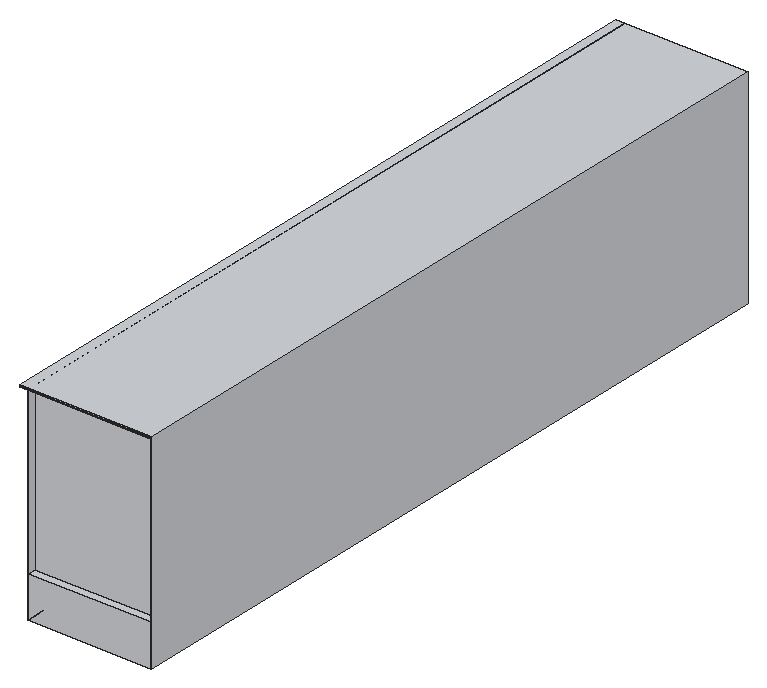
Revit family "Plenum (P-N, P-L) (Arrangement D)", category Mechanical Equipment, Revit 2015
Parameters
  Width = 0' - 6"
  URL = "https://unitedenertech.com/catalog/pdf/I_2%20Model%20P-N,%20P-L,%20P-EX,%20P-N-SL,%20P-L-SL,%20P-EX-SL.pdf"
  Type Comments = "Consult Factory for Max. Sizes"
  P-L (Insulation Option) = yes
  Model = "P-N / P-L (Arrangement D)"
  Manufacturer = "United Enertech Corporation"
  Length = 3' - 0"
  Keynote = "Model Shown without Damper Option. Consult Factory for Models with Dampers."
  Inlet Spacing = 1' - 0"
  Inlet Size = 0' - 6"
  Inlet Radius OD [instance] = Inlet Size / 2  # 0' - 3"
  Inlet Radius ID [instance] = Inlet Radius OD - 0' 0 9/256"  # 0' - 2 247/256"
  Hem Option = yes
  Height = 0' - 10"
  Description = "Plenum for Diffusers"
Reference planes (in)
  plane 1 "Center (Front/Back)": y = 0
  plane 2: z = 0
  plane 3 "Center (Left/Right)": x = 0
  plane 4: x = 6
  plane 5: x = -1.5
  plane 6: x = 0.035
  plane 7: x = 5.965
  plane 8: z = 10
  plane 9: z = 9.965
  plane 10: z = 9.93
  plane 11: z = 9
  plane 12: z = 2
  plane 13: z = 3
  plane 14: z = 6
  plane 15: y = 18
  plane 16: y = -18
  plane 17: y = -17.965
  plane 18: y = 17.965
  plane 19: x = -0.375
  plane 20: y = 17.59
  plane 21: y = 17.55484
  plane 22: y = -17.59
  plane 23: y = -17.55484
  plane 24: z = 1.96484
  plane 25: x = 0.07016
  plane 26: x = 5.92984
  plane 27: y = 17.05484
  plane 28: x = 0.57016
  plane 29: x = 5.42984
  plane 30: y = -17.05484
  plane 31: z = 9.43
  plane 32: y = 6
  plane 33: y = -6
Forms (in)
  Extrusion 1, solid
    sketch origin (0, 0, 0) x (1, 0, 0) y (0, 0, 1)
      loop
        line (-0.375, 10) -> (-0.375, 9.965) -> (5.965, 9.965) -> (5.965, 0) -> (6, 0) -> (6, 10) -> (-0.375, 10)
    from -17.965 to 17.965
  Extrusion 2, solid
    sketch origin (0, 0, 0) x (1, 0, 0) y (0, 0, 1)
      loop
        line (-0.375, 9.965) -> (-0.375, 9.93) -> (0, 9.93) -> (0, 0) -> (0.035, 0) -> (0.035, 9.965) -> (-0.375, 9.965)
    from -17.965 to 17.965
  Extrusion 3, solid
    sketch origin (0, 0, 0) x (0, 1, 0) y (0, 0, 1)
      loop
        line (17.965, 9.965) -> (17.55484, 9.965) -> (17.55484, 1.96484) -> (17.965, 1.96484) -> (17.965, 0) -> (18, 0) -> (18, 2) -> (17.59, 2) -> (17.59, 9.93) -> (17.965, 9.93) -> (17.965, 9.965)
    from 0.035 to 5.965
  Extrusion 4, solid
    sketch origin (0, 0, 0) x (0, 1, 0) y (0, 0, 1)
      loop
        line (-17.965, 9.965) -> (-17.965, 9.93) -> (-17.59, 9.93) -> (-17.59, 2) -> (-18, 2) -> (-18, 0) -> (-17.965, 0) -> (-17.965, 1.96484) -> (-17.55484, 1.96484) -> (-17.55484, 9.965) -> (-17.965, 9.965)
    from 0.035 to 5.965
  Extrusion 5, solid
    sketch origin (0, 0, 0) x (1, 0, 0) y (0, 0, 1)
      loop
        line (0.035, 2) -> (0.07016, 2) -> (0.07016, 9.93) -> (0.035, 9.93) -> (0.035, 2)
    from 17.59 to 17.965
  Extrusion 6, solid
    sketch origin (0, 0, 0) x (1, 0, 0) y (0, 0, 1)
      loop
        line (0.035, 2) -> (0.07016, 2) -> (0.07016, 9.93) -> (0.035, 9.93) -> (0.035, 2)
    from -17.965 to -17.59
  Extrusion 7, solid
    sketch origin (0, 0, 0) x (1, 0, 0) y (0, 0, 1)
      loop
        line (5.92984, 2) -> (5.965, 2) -> (5.965, 9.93) -> (5.92984, 9.93) -> (5.92984, 2)
    from 17.59 to 17.965
  Extrusion 8, solid
    sketch origin (0, 0, 0) x (1, 0, 0) y (0, 0, 1)
      loop
        line (5.92984, 2) -> (5.965, 2) -> (5.965, 9.93) -> (5.92984, 9.93) -> (5.92984, 2)
    from -17.965 to -17.59
  Extrusion 9, solid, material "Rigid insulation", visible <- "P-L (Insulation Option)"
    sketch origin (0, 0, 0) x (1, 0, 0) y (0, 0, 1)
      loop
        line (0.07016, 9.43) -> (5.92984, 9.43) -> (5.92984, 9.93) -> (0.07016, 9.93) -> (0.07016, 9.43)
    from -17.55484 to 17.55484
  Extrusion 10, solid, material "Rigid insulation", visible <- "P-L (Insulation Option)"
    sketch origin (0, 0, 0) x (1, 0, 0) y (0, 1, 0)
      loop
        line (0.57016, -17.05484) -> (5.42984, -17.05484) -> (5.42984, 17.05484) -> (0.57016, 17.05484) -> (0.57016, -17.05484)
      loop
        line (0.07016, -17.55484) -> (5.92984, -17.55484) -> (5.92984, 17.55484) -> (0.07016, 17.55484) -> (0.07016, -17.55484)
    from 2 to 9.43
  Extrusion 11, solid, visible <- "Hem Option"
    sketch origin (0, 0, 0) x (1, 0, 0) y (0, 0, 1)
      loop
        line (0.07016, 0) -> (0.77726, 0.70711) -> (0.7524, 0.73197) -> (0.07016, 0.04972) -> (0.07016, 0)
    from -17.965 to 17.965
  Extrusion 12, solid, visible <- "Hem Option"
    sketch origin (0, 0, 0) x (1, 0, 0) y (0, 0, 1)
      loop
        line (5.92984, 0) -> (5.92984, 0.04972) -> (5.2476, 0.73197) -> (5.22274, 0.70711) -> (5.92984, 0)
    from -17.965 to 17.965
  Extrusion 13, void
    sketch origin (0, 0, 0) x (0, 1, 0) y (0, 0, 1)
      loop
        circle (6, 6) r 2.96484
    from -1.5 to 0.57016
  Extrusion 14, void
    sketch origin (0, 0, 0) x (0, 1, 0) y (0, 0, 1)
      loop
        circle (-6, 6) r 2.96484
    from -1.5 to 0.57016
  Extrusion 15, solid
    sketch origin (0, 0, 0) x (0, 1, 0) y (0, 0, 1)
      loop
        circle (6, 6) r 3
      loop
        circle (6, 6) r 2.96484
    from -1.5 to 0.035
  Extrusion 16, solid
    sketch origin (0, 0, 0) x (0, 1, 0) y (0, 0, 1)
      loop
        circle (-6, 6) r 3
      loop
        circle (-6, 6) r 2.96484
    from -1.5 to 0.035
Cuts and joins
  Extrusion 13, Extrusion 14 cuts Extrusion 1
  Extrusion 13, Extrusion 14 cuts Extrusion 2
  Extrusion 13, Extrusion 14 cuts Extrusion 10
Dimensions and locks (in)
  locked: plane 5 to plane 3 "Center (Left/Right)" at 1.5
  locked: plane 3 "Center (Left/Right)" to plane 6 at 0.035
  locked: plane 7 to plane 4 at 0.035
  locked: plane 8 to plane 9 at 0.035
  locked: plane 9 to plane 10 at 0.035
  locked: plane 8 to plane 11 at 1
  "Height": plane 8 to level
  locked: plane 12 to level at 2
  equal spacing: plane 11, plane 14, plane 13
  "Inlet Size": plane 11 to plane 13
  "Width": plane 3 "Center (Left/Right)" to plane 4
  equal spacing: plane 15, plane 1 "Center (Front/Back)", plane 16
  "Length": plane 15 to plane 16
  locked: plane 17 to plane 16 at 0.035
  locked: plane 18 to plane 15 at 0.035
  locked: plane 3 "Center (Left/Right)" to plane 19 at 0.375
  locked: plane 18 to plane 20 at 0.375
  locked: plane 20 to plane 21 at 0.03516
  locked: plane 22 to plane 17 at 0.375
  locked: plane 23 to plane 22 at 0.03516
  locked: plane 12 to plane 24 at 0.03516
  locked: plane 25 to plane 6 at 0.03516
  locked: plane 26 to plane 7 at 0.03516
  locked: plane 21 to plane 27 at 0.5
  locked: plane 25 to plane 28 at 0.5
  locked: plane 29 to plane 26 at 0.5
  locked: plane 30 to plane 23 at 0.5
  locked: plane 10 to plane 31 at 0.5
  locked: Extrusion 11 sketch curve to Extrusion 11 sketch curve at 1
  locked: Extrusion 12 sketch curve to Extrusion 12 sketch curve at 1
  equal spacing: plane 32, plane 1 "Center (Front/Back)", plane 33
  "Inlet Spacing": plane 32 to plane 33
  "Inlet Radius ID": radius of Extrusion 13 sketch curve
  "Inlet Radius ID": radius of Extrusion 14 sketch curve
  "Inlet Radius ID": radius of Extrusion 15 sketch curve
  "Inlet Radius OD": radius of Extrusion 15 sketch curve
  "Inlet Radius ID": radius of Extrusion 16 sketch curve
  "Inlet Radius OD": radius of Extrusion 16 sketch curve
  locked: level to Extrusion 11 sketch curve (angle 45.00°)
  locked: Extrusion 12 sketch curve to level (angle 45.00°)
  aligned and locked: level to plane 2
  aligned and locked: plane 19 to Extrusion 1 sketch curve
  aligned and locked: Extrusion 1 sketch curve to plane 8
  aligned and locked: plane 4 to Extrusion 1 sketch curve
  aligned and locked: level to Extrusion 1 sketch curve
  aligned and locked: Extrusion 1 sketch curve to plane 7
  aligned and locked: plane 9 to Extrusion 1 sketch curve
  aligned and locked: Extrusion 1 to plane 18
  aligned and locked: Extrusion 1 to plane 17
  aligned and locked: Extrusion 2 sketch curve to plane 9
  aligned and locked: plane 19 to Extrusion 2 sketch curve
  aligned and locked: plane 10 to Extrusion 2 sketch curve
  aligned and locked: Extrusion 2 sketch curve to plane 6
  aligned and locked: plane 3 "Center (Left/Right)" to Extrusion 2 sketch curve
  aligned and locked: level to Extrusion 2 sketch curve
  aligned and locked: Extrusion 2 to plane 17
  aligned and locked: Extrusion 2 to plane 18
  aligned and locked: Extrusion 3 sketch curve to plane 9
  aligned and locked: plane 18 to Extrusion 3 sketch curve
  aligned and locked: plane 10 to Extrusion 3 sketch curve
  aligned and locked: Extrusion 3 sketch curve to plane 15
  aligned and locked: level to Extrusion 3 sketch curve
  aligned and locked: Extrusion 3 sketch curve to plane 18
  aligned and locked: plane 24 to Extrusion 3 sketch curve
  aligned and locked: Extrusion 3 sketch curve to plane 12
  aligned and locked: plane 20 to Extrusion 3 sketch curve
  aligned and locked: Extrusion 3 sketch curve to plane 21
  aligned and locked: Extrusion 3 to plane 6
  aligned and locked: Extrusion 3 to plane 7
  aligned and locked: plane 9 to Extrusion 4 sketch curve
  aligned and locked: Extrusion 4 sketch curve to plane 17
  aligned and locked: Extrusion 4 sketch curve to plane 10
  aligned and locked: Extrusion 4 sketch curve to level
  aligned and locked: Extrusion 4 sketch curve to plane 16
  aligned and locked: plane 17 to Extrusion 4 sketch curve
  aligned and locked: Extrusion 4 sketch curve to plane 24
  aligned and locked: plane 12 to Extrusion 4 sketch curve
  aligned and locked: Extrusion 4 sketch curve to plane 22
  aligned and locked: plane 23 to Extrusion 4 sketch curve
  aligned and locked: Extrusion 4 to plane 6
  aligned and locked: Extrusion 4 to plane 7
  aligned and locked: plane 10 to Extrusion 5 sketch curve
  aligned and locked: Extrusion 5 sketch curve to plane 6
  aligned and locked: plane 25 to Extrusion 5 sketch curve
  aligned and locked: Extrusion 5 sketch curve to plane 12
  aligned and locked: Extrusion 6 to plane 18
  aligned and locked: plane 20 to Extrusion 6
  aligned and locked: plane 22 to Extrusion 5
  aligned and locked: Extrusion 5 to plane 17
  aligned and locked: Extrusion 7 sketch curve to plane 12
  aligned and locked: Extrusion 7 sketch curve to plane 7
  aligned and locked: Extrusion 7 sketch curve to plane 26
  aligned and locked: plane 10 to Extrusion 7 sketch curve
  aligned and locked: Extrusion 8 to plane 18
  aligned and locked: plane 20 to Extrusion 8
  aligned and locked: Extrusion 7 to plane 17
  aligned and locked: plane 22 to Extrusion 7
  aligned and locked: plane 10 to Extrusion 9 sketch curve
  aligned and locked: plane 26 to Extrusion 9 sketch curve
  aligned and locked: Extrusion 9 sketch curve to plane 25
  aligned and locked: Extrusion 9 sketch curve to plane 31
  aligned and locked: Extrusion 9 to plane 23
  aligned and locked: Extrusion 9 to plane 21
  aligned and locked: Extrusion 10 sketch curve to plane 25
  aligned and locked: Extrusion 10 sketch curve to plane 21
  aligned and locked: plane 26 to Extrusion 10 sketch curve
  aligned and locked: Extrusion 10 sketch curve to plane 23
  aligned and locked: Extrusion 10 sketch curve to plane 30
  aligned and locked: Extrusion 10 sketch curve to plane 28
  aligned and locked: plane 29 to Extrusion 10 sketch curve
  aligned and locked: plane 27 to Extrusion 10 sketch curve
  aligned and locked: Extrusion 10 to plane 12
  aligned and locked: plane 31 to Extrusion 10
  aligned and locked: plane 25 to Extrusion 11 sketch curve
  aligned and locked: level to Extrusion 11 sketch curve
  aligned and locked: Extrusion 11 to plane 17
  aligned and locked: Extrusion 11 to plane 18
  aligned and locked: plane 26 to Extrusion 12 sketch curve
  aligned and locked: level to Extrusion 12 sketch curve
  aligned and locked: Extrusion 12 to plane 18
  aligned and locked: Extrusion 12 to plane 17
  aligned and locked: Extrusion 13 to plane 5
  aligned and locked: plane 28 to Extrusion 13
  aligned and locked: Extrusion 14 to plane 5
  aligned and locked: plane 28 to Extrusion 14
  aligned and locked: Extrusion 15 to plane 5
  aligned and locked: plane 6 to Extrusion 15
  aligned and locked: Extrusion 16 to plane 5
  aligned and locked: plane 6 to Extrusion 16
Automatic sketch dimensions
  Extrusion 6 sketch curve to plane 6 = 0' - 0"
  Extrusion 6 sketch curve to plane 10 = 0' - 0"
  Extrusion 6 sketch curve to plane 25 = 0' - 0"
  Extrusion 6 sketch curve to plane 12 = 0' - 0"
  Extrusion 8 sketch curve to plane 10 = 0' - 0"
  Extrusion 8 sketch curve to plane 26 = 0' - 0"
  plane 7 to Extrusion 8 sketch curve = 0' - 0"
  Extrusion 8 sketch curve to plane 12 = 0' - 0"
  Extrusion 11 sketch curve to Extrusion 11 sketch curve = 0' - 0.02486"
  Extrusion 12 sketch curve to Extrusion 12 sketch curve = 0' - 0.02486"
  Extrusion 13 sketch curve to plane 14 = 0' - 0"
  Extrusion 13 sketch curve to plane 32 = 0' - 0"
  Extrusion 14 sketch curve to plane 14 = 0' - 0"
  Extrusion 14 sketch curve to plane 33 = 0' - 0"
  Extrusion 15 sketch curve to Extrusion 15 sketch curve = 0' - 0"  (x2)
  Extrusion 15 sketch curve to plane 14 = 0' - 0"
  Extrusion 15 sketch curve to plane 32 = 0' - 0"
  Extrusion 16 sketch curve to Extrusion 16 sketch curve = 0' - 0"  (x2)
  Extrusion 16 sketch curve to plane 14 = 0' - 0"
  Extrusion 16 sketch curve to plane 33 = 0' - 0"
